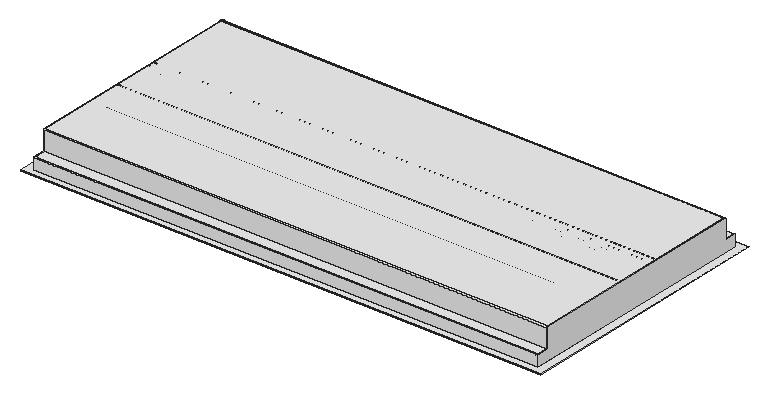
Revit family "VRIF-4104_2X2_2x4", category Lighting Fixtures, host Ceiling, Revit 2019
Family settings
  Host = Ceiling
  Round Connector Dimension = Use Diameter
  Part Type = Normal
  OmniClass Number = 23.80.70.11.14.17
  OmniClass Title = Direct/Indirect
  Always vertical = Yes
  Cut with Voids When Loaded = No
  Light Source = Yes
  Shared = No
  Room Calculation Point = No
Parameters (values of type "VRIF-4104-2X4-LED840K052LUNV")
  Width = 2' - 0 169/256"
  Wattage = 51 W
  built-in parameter 1150110 = 1 (stored number, unit not read)
  Voltage = 120 V
  URL = "https://www.viscor.com/en/products/vrif-4104"
  built-in parameter 1114217 = 0.9 (stored number, unit not read)
  Tilt Angle = 90.00°
  built-in parameter 1150109 = 1 (stored number, unit not read)
  built-in parameter 1150134 = 12
  built-in parameter 1150113 = 1 (stored number, unit not read)
  Photometric Web File = "VRIF-4104-2X4-LED840K052LUNV.ies"
  Model = "VRIF-4104"  # constant formula
  Manufacturer = "Certolux By Viscor"  # constant formula
  Lumens = 4845 lm
  built-in parameter 1150115 = 1 (stored number, unit not read)
  built-in parameter 1150105 = 385.55 (stored number, unit not read)
  built-in parameter 1150137 = (empty or 0)
  built-in parameter 1150139 = (empty or 0)
  Lens Flat = Acrylic - Viscor - Clear Lens
  Length = 4' - 1 41/128"
  Lamp Wattage = 51 VA
  built-in parameter 1150112 = 1 (stored number, unit not read)
  built-in parameter 1150114 = 1 (stored number, unit not read)
  Lamp = "LED"  # constant formula
  Inner Diffuser = Acrylic - Viscor - Frosted Round
  built-in parameter 1150132 = (empty or 0)
  built-in parameter 1150102 = (empty or 0)
  built-in parameter 1150138 = (empty or 0)
  built-in parameter 1150107 = 4000 (stored number, unit not read)
  built-in parameter 1150106 = 3.8555 (stored number, unit not read)
  Housing Finish = Metal - Viscor - White
  Emit from Rectangle Width = Width  # 2' - 0 169/256"
  Emit from Rectangle Length = Length  # 4' - 1 41/128"
  Emit Shape Visible in Rendering = no
  built-in parameter 1150104 = 8.8258 (stored number, unit not read)
  Dimming Lamp Color Temperature Shift = <None>
  Description = "LED Vandal Resistant Recessed Flanged Ceiling Inset Door"  # constant formula
  Color Filter = 16777215
  built-in parameter 1114218 = 1 (stored number, unit not read)
  built-in parameter 1150133 = 10 (stored number, unit not read)
  Assembly Code = ""
  Apparent Load = Lamp Wattage  # 51 VA
Types (5): name | Wattage | Photometric Web File | Lumens | built-in parameter 1150105 | Length | Lamp Wattage | built-in parameter 1150106 | Emit from Rectangle Length | built-in parameter 1150104 | Apparent Load
  (no name) | 51 W | "VRIF-4104-2X4-LED840K052LUNV.ies" | 4845 lm | 385.55 (stored number, unit not read) | 4' - 1 41/128" | 51 VA | 3.8555 (stored number, unit not read) | 4' - 1 41/128" | 8.8258 (stored number, unit not read) | 51 VA
  VRIF-4104-2X2-LED840K033LUNV | 33 W | "VRIF-4104-2X2-LED840K033LUNV.ies" | 3300 lm | 262.61 (stored number, unit not read) | 2' - 1 19/64" | 33 VA | 2.6261 (stored number, unit not read) | 2' - 1 19/64" | 9.2903 (stored number, unit not read) | 33 VA
  VRIF-4104-2X4-LED840K039LUNV | 39 W | "VRIF-4104-2X4-LED840K039LUNV.ies" | 3705 lm | 294.83 (stored number, unit not read) | 4' - 1 41/128" | 39 VA | 2.9483 (stored number, unit not read) | 4' - 1 41/128" | 8.8258 (stored number, unit not read) | 39 VA
  VRIF-4104-2X4-LED840K052LUNV | 51 W | "VRIF-4104-2X4-LED840K052LUNV.ies" | 4845 lm | 385.55 (stored number, unit not read) | 4' - 1 41/128" | 51 VA | 3.8555 (stored number, unit not read) | 4' - 1 41/128" | 8.8258 (stored number, unit not read) | 51 VA
  VRIF-4104-2X4-LED840K078LUNV | 75 W | "VRIF-4104-2X4-LED840K078LUNV.ies" | 7275 lm | 578.93 (stored number, unit not read) | 4' - 1 41/128" | 75 VA | 5.7893 (stored number, unit not read) | 4' - 1 41/128" | 9.0116 (stored number, unit not read) | 75 VA
Reference planes (in)
  plane 1 "Light Source Axis (F/B)": y = 0
  plane 2 "Ceiling": z = 96
  plane 3 "Light Source Axis (L/R)": x = 0
  plane 4 "Light Source Elevation": z = 96
  plane 5: y = 12.33008
  plane 6: y = -12.33008
  plane 7 "Left": x = -24.66016
  plane 8 "Right": x = 24.66016
  plane 9 "Lens": z = 96.17
  plane 10: x = -23.91016
  plane 11: x = 23.91016
  plane 12: y = 11.58008
  plane 13: y = -11.58008
  plane 14: x = -22.63231
  plane 15: x = 22.63231
  plane 16: x = -23.86216
  plane 17: x = 23.86216
  plane 18 "us of lens frame": z = 95.94
Forms (in)
  Extrusion 1, void
    sketch origin (43.99109, -53.88196, 0) x (1, 0, 0) y (0, 1, 0)
      loop
        line (-68.65125, 66.21204) -> (-68.65125, 41.55188) -> (-19.33093, 41.55188) -> (-19.33093, 66.21204) -> (-68.65125, 66.21204)
    from 95.81772 to 99.27519
  Extrusion 2, solid, material "Metal - Viscor - White" <- "Housing Finish"
    sketch origin (0, 0, 0) x (0, 1, 0) y (0, 0, 1)
      loop
        line (11.67858, 96.068) -> (11.67858, 97.056)
        arc (11.67858, 97.056) -> (11.6531, 97.11752) -> (11.59158, 97.143) r 0.087
        line (11.59158, 97.143) -> (10.60458, 97.143)
        arc (10.60458, 97.143) -> (10.577, 97.15442) -> (10.56558, 97.182) r 0.039
        line (10.56558, 97.182) -> (10.56558, 98.939)
        arc (10.56558, 98.939) -> (10.5401, 99.00052) -> (10.47858, 99.026) r 0.087
        line (10.47858, 99.026) -> (-10.47711, 99.026)
        arc (-10.47711, 99.026) -> (-10.53863, 99.00052) -> (-10.56411, 98.939) r 0.087
        line (-10.56411, 98.939) -> (-10.56411, 97.143) -> (-11.59011, 97.143)
        arc (-11.59011, 97.143) -> (-11.65163, 97.11752) -> (-11.67711, 97.056) r 0.087
        line (-11.67711, 97.056) -> (-11.67711, 96.068) -> (-11.63023, 96.068) -> (-11.63023, 97.056)
        arc (-11.63023, 97.056) -> (-11.61848, 97.08437) -> (-11.59011, 97.09613) r 0.04012
        line (-11.59011, 97.09613) -> (-10.51723, 97.09613) -> (-10.51723, 98.939)
        arc (-10.51723, 98.939) -> (-10.50548, 98.96737) -> (-10.47711, 98.97913) r 0.04012
        line (-10.47711, 98.97913) -> (10.47858, 98.97913)
        arc (10.47858, 98.97913) -> (10.50695, 98.96737) -> (10.5187, 98.939) r 0.04013
        line (10.5187, 98.939) -> (10.5187, 97.182)
        arc (10.5187, 97.182) -> (10.54386, 97.12128) -> (10.60458, 97.09613) r 0.08588
        line (10.60458, 97.09613) -> (11.59158, 97.09613)
        arc (11.59158, 97.09613) -> (11.61995, 97.08437) -> (11.6317, 97.056) r 0.04012
        line (11.6317, 97.056) -> (11.6317, 96.068) -> (11.67858, 96.068)
    from -23.86216 to 23.86216
  Extrusion 3, solid, material "Metal - Viscor - White" <- "Housing Finish"
    sketch origin (0, 0, 0) x (0, 1, 0) y (0, 0, 1)
      loop
        line (-11.66711, 96.068) -> (11.66858, 96.068) -> (11.66858, 97.093) -> (11.62858, 97.133) -> (10.54158, 97.133) -> (10.54158, 98.92173)
        arc (10.54158, 98.92173) -> (10.52267, 98.96396) -> (10.47858, 98.978) r 0.05663
        line (10.47858, 98.978) -> (-10.47711, 98.978)
        arc (-10.47711, 98.978) -> (-10.51416, 98.96746) -> (-10.54011, 98.939) r 0.07038
        line (-10.54011, 98.939) -> (-10.54011, 97.133) -> (-11.62711, 97.133) -> (-11.66711, 97.093) -> (-11.66711, 96.068)
    from 23.86216 to 23.91016
  Extrusion 4, solid, material "Metal - Viscor - White" <- "Housing Finish"
    sketch origin (0, 0, 0) x (0, 1, 0) y (0, 0, -1)
      loop
        line (-11.66711, -96.068) -> (-11.66711, -97.093) -> (-11.62711, -97.133) -> (-10.54011, -97.133) -> (-10.54011, -98.939)
        arc (-10.54011, -98.939) -> (-10.51416, -98.96746) -> (-10.47711, -98.978) r 0.07038
        line (-10.47711, -98.978) -> (10.47858, -98.978)
        arc (10.47858, -98.978) -> (10.52267, -98.96396) -> (10.54158, -98.92173) r 0.05663
        line (10.54158, -98.92173) -> (10.54158, -97.133) -> (11.62858, -97.133) -> (11.66858, -97.093) -> (11.66858, -96.068) -> (-11.66711, -96.068)
    from 23.86216 to 23.91016
  Extrusion 5, solid, material "Metal - Viscor - White" <- "Housing Finish"
    sketch origin (0, 0, 96) x (1, 0, 0) y (0, 1, 0)
      loop
        line (-24.66016, -12.33008) -> (24.66016, -12.33008) -> (24.66016, 12.33008) -> (-24.66016, 12.33008) -> (-24.66016, -12.33008)
      loop
        line (23.91016, -11.58008) -> (23.91016, 11.58008) -> (-23.91016, 11.58008) -> (-23.91016, -11.58008) -> (23.91016, -11.58008)
    from 0 to 0.048
  Extrusion 6, solid, material "Metal - Viscor - White" <- "Housing Finish"
    sketch origin (0, 0, 95.94) x (-1, 0, 0) y (0, -1, 0)
      loop
        line (23.83531, -11.47984) -> (23.83531, 11.47984) -> (-23.83531, 11.47984) -> (-23.83531, -11.47984) -> (23.83531, -11.47984)
      loop
        line (22.33531, -9.97984) -> (22.33531, 9.97984) -> (-22.33531, 9.97984) -> (-22.33531, -9.97984) -> (22.33531, -9.97984)
    from 0 to 0.5
  Extrusion 7, solid, material "Acrylic - Viscor - Clear Lens" <- "Lens Flat"
    sketch origin (0, 0, 0) x (0, 1, 0) y (0, 0, 1)
      loop
        line (10.27808, 96.018) -> (10.27808, 96.143) -> (-10.27661, 96.143) -> (-10.27661, 96.018) -> (10.27808, 96.018)
    from -22.63231 to 22.63231
  Extrusion 8, solid, material "Metal - Viscor - White" <- "Housing Finish"
    sketch origin (0, 0, 0) x (0, 1, 0) y (0, 0, 1)
      loop
        line (10.3896, 97.40092) -> (10.36264, 97.41672) -> (10.10982, 96.98536) -> (9.94898, 96.71095)
        arc (9.94898, 96.71095) -> (9.92939, 96.69458) -> (9.90386, 96.69443) r 0.03775
        line (9.90386, 96.69443) -> (9.25024, 96.92493)
        arc (9.25024, 96.92493) -> (6.06955, 97.83172) -> (2.80182, 98.34269) r 26.9916
        line (2.80182, 98.34269) -> (2.32108, 98.38792)
        arc (2.32108, 98.38792) -> (2.29044, 98.40948) -> (2.29346, 98.44682) r 0.03775
        line (2.29346, 98.44682) -> (2.46024, 98.69062) -> (2.56865, 98.84911)
        arc (2.56865, 98.84911) -> (2.57291, 98.92134) -> (2.51113, 98.95902) r 0.07025
        line (2.51113, 98.95902) -> (1.83429, 98.96344) -> (1.83429, 98.93219) -> (2.51093, 98.92777)
        arc (2.51093, 98.92777) -> (2.54523, 98.90685) -> (2.54286, 98.86675) r 0.039
        line (2.54286, 98.86675) -> (2.43445, 98.70826) -> (2.26767, 98.46446)
        arc (2.26767, 98.46446) -> (2.26215, 98.39621) -> (2.31816, 98.35681) r 0.069
        line (2.31816, 98.35681) -> (2.7989, 98.31158)
        arc (2.7989, 98.31158) -> (6.06283, 97.8012) -> (9.23985, 96.89546) r 26.96035
        line (9.23985, 96.89546) -> (9.89347, 96.66496)
        arc (9.89347, 96.66496) -> (9.94013, 96.66524) -> (9.97594, 96.69514) r 0.069
        line (9.97594, 96.69514) -> (10.13678, 96.96955) -> (10.3896, 97.40092)
    from -23.86216 to 23.86216
  Extrusion 9, solid, material "Metal - Viscor - White" <- "Housing Finish"
    sketch origin (0, 0, 0) x (0, -1, 0) y (0, 0, -1)
      loop
        line (10.3896, -97.40092) -> (10.13678, -96.96955) -> (9.97594, -96.69514)
        arc (9.97594, -96.69514) -> (9.94013, -96.66524) -> (9.89347, -96.66496) r 0.069
        line (9.89347, -96.66496) -> (9.23985, -96.89546)
        arc (9.23985, -96.89546) -> (6.06283, -97.8012) -> (2.7989, -98.31158) r 26.96035
        line (2.7989, -98.31158) -> (2.31816, -98.35681)
        arc (2.31816, -98.35681) -> (2.26215, -98.39621) -> (2.26767, -98.46446) r 0.069
        line (2.26767, -98.46446) -> (2.43445, -98.70826) -> (2.54286, -98.86675)
        arc (2.54286, -98.86675) -> (2.54523, -98.90685) -> (2.51093, -98.92777) r 0.039
        line (2.51093, -98.92777) -> (1.83429, -98.93219) -> (1.83429, -98.96344) -> (2.51113, -98.95902)
        arc (2.51113, -98.95902) -> (2.57291, -98.92134) -> (2.56865, -98.84911) r 0.07025
        line (2.56865, -98.84911) -> (2.46024, -98.69062) -> (2.29346, -98.44682)
        arc (2.29346, -98.44682) -> (2.29044, -98.40948) -> (2.32108, -98.38792) r 0.03775
        line (2.32108, -98.38792) -> (2.80182, -98.34269)
        arc (2.80182, -98.34269) -> (6.06955, -97.83172) -> (9.25024, -96.92493) r 26.9916
        line (9.25024, -96.92493) -> (9.90386, -96.69443)
        arc (9.90386, -96.69443) -> (9.92939, -96.69458) -> (9.94898, -96.71095) r 0.03775
        line (9.94898, -96.71095) -> (10.10982, -96.98536) -> (10.36264, -97.41672) -> (10.3896, -97.40092)
    from -23.86216 to 23.86216
  Extrusion 10, solid, material "Acrylic - Viscor - Frosted Round" <- "Inner Diffuser"
    sketch origin (0, 0, 0) x (0, 1, 0) y (0, 0, 1)
      loop
        arc (3.12523, 97.55871) -> (3.13836, 97.60592) -> (3.09136, 97.61979) r 0.03492
        line (3.09136, 97.61979) -> (2.8986, 97.51399) -> (2.87491, 97.5765)
        arc (2.87491, 97.5765) -> (2.8491, 97.62041) -> (2.81018, 97.65324) r 0.15113
        line (2.81018, 97.65324) -> (2.68258, 97.72825) -> (2.45307, 98.33433) -> (2.37825, 98.306) -> (2.60839, 97.69827)
        arc (2.60839, 97.69827) -> (2.6212, 97.67647) -> (2.64052, 97.66017) r 0.075
        line (2.64052, 97.66017) -> (2.76964, 97.58427)
        arc (2.76964, 97.58427) -> (2.78796, 97.56882) -> (2.8001, 97.54816) r 0.07113
        line (2.8001, 97.54816) -> (2.82486, 97.48283)
        arc (2.82486, 97.48283) -> (0.00075, 96.78567) -> (-2.82336, 97.48283) r 6.06859
        line (-2.82336, 97.48283) -> (-2.7986, 97.54816)
        arc (-2.7986, 97.54816) -> (-2.78646, 97.56882) -> (-2.76814, 97.58427) r 0.07113
        line (-2.76814, 97.58427) -> (-2.63902, 97.66017)
        arc (-2.63902, 97.66017) -> (-2.6197, 97.67647) -> (-2.60689, 97.69827) r 0.075
        line (-2.60689, 97.69827) -> (-2.37675, 98.306) -> (-2.45157, 98.33433) -> (-2.68108, 97.72825) -> (-2.80868, 97.65324)
        arc (-2.80868, 97.65324) -> (-2.8476, 97.62041) -> (-2.87341, 97.5765) r 0.15113
        line (-2.87341, 97.5765) -> (-2.8971, 97.51399) -> (-3.08986, 97.61979)
        arc (-3.08986, 97.61979) -> (-3.13686, 97.60592) -> (-3.12373, 97.55871) r 0.03492
        arc (-3.12373, 97.55871) -> (0.00075, 96.70567) -> (3.12523, 97.55871) r 6.14859
    from -23.86216 to 23.86216
  Extrusion 11, solid, material "Metal - Viscor - White" <- "Housing Finish"
    sketch origin (0, 0, 0) x (0, 1, 0) y (0, 0, 1)
      loop
        arc (1.74925, 98.939) -> (1.70612, 98.92113) -> (1.68825, 98.878) r 0.061
        line (1.68825, 98.878) -> (1.68825, 98.564) -> (1.68825, 98.47)
        arc (1.68825, 98.47) -> (1.67917, 98.44808) -> (1.65725, 98.439) r 0.031
        line (1.65725, 98.439) -> (-1.65575, 98.439)
        arc (-1.65575, 98.439) -> (-1.67767, 98.44808) -> (-1.68675, 98.47) r 0.031
        line (-1.68675, 98.47) -> (-1.68675, 98.564) -> (-1.68675, 98.878)
        arc (-1.68675, 98.878) -> (-1.70462, 98.92113) -> (-1.74775, 98.939) r 0.061
        line (-1.74775, 98.939) -> (-2.15375, 98.939) -> (-2.15375, 98.90775) -> (-1.74775, 98.90775)
        arc (-1.74775, 98.90775) -> (-1.72671, 98.89904) -> (-1.718, 98.878) r 0.02975
        line (-1.718, 98.878) -> (-1.718, 98.564) -> (-1.718, 98.47)
        arc (-1.718, 98.47) -> (-1.69977, 98.42598) -> (-1.65575, 98.40775) r 0.06225
        line (-1.65575, 98.40775) -> (1.65725, 98.40775)
        arc (1.65725, 98.40775) -> (1.70127, 98.42598) -> (1.7195, 98.47) r 0.06225
        line (1.7195, 98.47) -> (1.7195, 98.564) -> (1.7195, 98.878)
        arc (1.7195, 98.878) -> (1.72821, 98.89904) -> (1.74925, 98.90775) r 0.02975
        line (1.74925, 98.90775) -> (2.15525, 98.90775) -> (2.15525, 98.939) -> (1.74925, 98.939)
    from -23.86216 to 23.86216
Dimensions and locks (in)
  equal spacing: host sketch curve, plane 3 "Light Source Axis (L/R)", host sketch curve
  equal spacing: host sketch curve, plane 1 "Light Source Axis (F/B)", host sketch curve
  host sketch curve to host sketch curve = 10' - 0"  (x2)
  equal spacing: plane 7 "Left", plane 3 "Light Source Axis (L/R)", plane 8 "Right"
  "Length": plane 7 "Left" to plane 8 "Right"
  equal spacing: plane 5, plane 1 "Light Source Axis (F/B)", plane 6
  "Width": plane 5 to plane 6
  locked: plane 10 to plane 7 "Left" at 0.75
  locked: plane 11 to plane 8 "Right" at 0.75
  locked: plane 12 to plane 5 at 0.75
  plane 6 to plane 13 to plane 1 "Light Source Axis (F/B)" = 0' - 0 3/4" locked, 0' - 11.58008"
  plane 7 "Left" to plane 14 to plane 3 "Light Source Axis (L/R)" = 0' - 2.02784" locked, 1' - 10.63231"
  locked: plane 15 to plane 8 "Right" at 2.02784
  plane 10 to plane 16 to plane 14 = 0' - 0.048", 0' - 1.22984"
  locked: plane 17 to plane 11 at 0.048
  locked: plane 18 "us of lens frame" to plane 4 "Light Source Elevation" at 0.06
  Extrusion 6 sketch curve to Extrusion 6 sketch curve = 0' - 1 1/2"
  aligned and locked: plane 3 "Light Source Axis (L/R)" to imposter light
  aligned and locked: plane 1 "Light Source Axis (F/B)" to imposter light
  aligned and locked: plane 4 "Light Source Elevation" to imposter light
  aligned and locked: Extrusion 1 to plane 7 "Left"
  aligned and locked: plane 8 "Right" to Extrusion 1
  aligned and locked: Extrusion 1 to plane 6
  aligned and locked: plane 5 to Extrusion 1
  aligned and locked: Extrusion 2 to plane 16
  aligned and locked: Extrusion 4 to plane 10
  aligned and locked: Extrusion 4 to plane 16
  aligned and locked: Extrusion 2 to plane 17
  aligned and locked: Extrusion 3 to plane 11
  aligned and locked: plane 17 to Extrusion 3
  aligned and locked: plane 14 to Extrusion 7
  aligned and locked: Extrusion 7 to plane 15
  aligned and locked: plane 16 to Extrusion 8
  aligned and locked: Extrusion 8 to plane 17
  aligned and locked: plane 16 to Extrusion 9
  aligned and locked: Extrusion 9 to plane 17
  aligned and locked: plane 16 to Extrusion 10
  aligned and locked: Extrusion 10 to plane 17
  aligned and locked: plane 16 to Extrusion 11
  aligned and locked: Extrusion 11 to plane 17
Automatic sketch dimensions
  Extrusion 1 sketch curve to plane 6 = 0' - 0"
  Extrusion 1 sketch curve to plane 7 "Left" = 0' - 0"
  Extrusion 1 sketch curve to plane 8 "Right" = 0' - 0"
  Extrusion 1 sketch curve to plane 5 = 0' - 0"
  Extrusion 2 sketch curve to Extrusion 2 sketch curve = 0' - 0"  (x10)
  Extrusion 2 sketch curve to plane 13 = 0' - 0.09703"
  Extrusion 2 sketch curve to Extrusion 2 sketch curve = 0' - 0 3/64"  (x2)
  Extrusion 2 sketch curve to plane 13 = 0' - 0.01003"
  plane 13 to Extrusion 2 sketch curve = 0' - 1.01597"
  Extrusion 2 sketch curve to Extrusion 2 sketch curve = 0' - 0.04012"
  Extrusion 2 sketch curve to plane 12 = 0' - 1.1015"
  Extrusion 2 sketch curve to plane 12 = 0' - 1.06137"
  Extrusion 2 sketch curve to Extrusion 2 sketch curve = 0' - 0.039"
  plane 12 to Extrusion 2 sketch curve = 0' - 0.0115"
  plane 12 to Extrusion 2 sketch curve = 0' - 0.05163"
  plane 2 "Ceiling" to Extrusion 2 sketch curve = 0' - 0.068"  (x2)
  plane 9 "Lens" to Extrusion 2 sketch curve = 0' - 0.886"  (x2)
  Extrusion 2 sketch curve to Extrusion 2 sketch curve = 0' - 1.796"
  Extrusion 3 sketch curve to plane 13 = 0' - 0.08703"
  Extrusion 3 sketch curve to plane 13 = 0' - 0.04703"
  plane 13 to Extrusion 3 sketch curve = 0' - 1.03997"
  Extrusion 3 sketch curve to Extrusion 3 sketch curve = 0' - 0.063"
  Extrusion 3 sketch curve to plane 12 = 0' - 1.1015"
  Extrusion 3 sketch curve to Extrusion 3 sketch curve = 0' - 0.00637"
  Extrusion 3 sketch curve to plane 12 = 0' - 1.0385"
  plane 12 to Extrusion 3 sketch curve = 0' - 0.0485"
  plane 12 to Extrusion 3 sketch curve = 0' - 0.0885"
  plane 2 "Ceiling" to Extrusion 3 sketch curve = 0' - 0.068"
  plane 9 "Lens" to Extrusion 3 sketch curve = 0' - 0.923"  (x2)
  plane 9 "Lens" to Extrusion 3 sketch curve = 0' - 0.963"  (x2)
  Extrusion 3 sketch curve to Extrusion 3 sketch curve = 0' - 1.77462"
  Extrusion 3 sketch curve to Extrusion 3 sketch curve = 0' - 1.78873"
  Extrusion 4 sketch curve to plane 13 = 0' - 0.08703"
  Extrusion 4 sketch curve to plane 13 = 0' - 0.04703"
  plane 13 to Extrusion 4 sketch curve = 0' - 1.03997"
  Extrusion 4 sketch curve to Extrusion 4 sketch curve = 0' - 0.063"
  Extrusion 4 sketch curve to plane 12 = 0' - 1.1015"
  Extrusion 4 sketch curve to Extrusion 4 sketch curve = 0' - 0.00637"
  Extrusion 4 sketch curve to plane 12 = 0' - 1.0385"
  plane 12 to Extrusion 4 sketch curve = 0' - 0.0485"
  plane 12 to Extrusion 4 sketch curve = 0' - 0.0885"
  plane 9 "Lens" to Extrusion 4 sketch curve = 0' - 2.808"
  Extrusion 4 sketch curve to Extrusion 4 sketch curve = 0' - 0.039"
  plane 9 "Lens" to Extrusion 4 sketch curve = 0' - 0.963"  (x2)
  Extrusion 4 sketch curve to Extrusion 4 sketch curve = 0' - 0.04"  (x2)
  plane 2 "Ceiling" to Extrusion 4 sketch curve = 0' - 0.068"
  Extrusion 5 sketch curve to plane 5 = 0' - 0"
  Extrusion 5 sketch curve to plane 7 "Left" = 0' - 0"
  Extrusion 5 sketch curve to plane 10 = 0' - 0"
  Extrusion 5 sketch curve to plane 11 = 0' - 0"
  Extrusion 5 sketch curve to plane 8 "Right" = 0' - 0"
  Extrusion 5 sketch curve to plane 6 = 0' - 0"
  plane 13 to Extrusion 5 sketch curve = 0' - 0"
  plane 12 to Extrusion 5 sketch curve = 0' - 0"
  Extrusion 6 sketch curve to plane 17 = 0' - 0.02684"
  plane 15 to Extrusion 6 sketch curve = 0' - 0.297"
  Extrusion 6 sketch curve to plane 14 = 0' - 0.297"
  plane 16 to Extrusion 6 sketch curve = 0' - 0.02684"
  Extrusion 6 sketch curve to plane 12 = 0' - 0.10023"
  Extrusion 6 sketch curve to plane 12 = 0' - 1.60023"
  plane 13 to Extrusion 6 sketch curve = 0' - 1.60023"
  plane 2 "Ceiling" to Extrusion 7 sketch curve = 0' - 0.018"
  plane 13 to Extrusion 7 sketch curve = 0' - 1.30347"
  Extrusion 7 sketch curve to plane 9 "Lens" = 0' - 0.027"
  Extrusion 7 sketch curve to plane 12 = 0' - 1.302"
  Extrusion 8 sketch curve to Extrusion 8 sketch curve = 0' - 0"  (x8)
  Extrusion 8 sketch curve to plane 1 "Light Source Axis (F/B)" = 0' - 0.27355"
  Extrusion 8 sketch curve to plane 1 "Light Source Axis (F/B)" = 0' - 1.83429"
  Extrusion 8 sketch curve to Extrusion 8 sketch curve = 0' - 0.43338"
  Extrusion 8 sketch curve to Extrusion 8 sketch curve = 0' - 0.02579"  (x3)
  Extrusion 8 sketch curve to Extrusion 8 sketch curve = 0' - 0.02469"
  Extrusion 8 sketch curve to Extrusion 8 sketch curve = 0' - 0.00293"  (x2)
  Extrusion 8 sketch curve to Extrusion 8 sketch curve = 0' - 0.03116"
  Extrusion 8 sketch curve to Extrusion 8 sketch curve = 0' - 0.16678"
  Extrusion 8 sketch curve to Extrusion 8 sketch curve = 0' - 0.07623"
  Extrusion 8 sketch curve to Extrusion 8 sketch curve = 0' - 0.00026"
  Extrusion 8 sketch curve to Extrusion 8 sketch curve = 0' - 0.0002"
  Extrusion 8 sketch curve to Extrusion 8 sketch curve = 0' - 0.03219"
  Extrusion 8 sketch curve to Extrusion 8 sketch curve = 0' - 0.48074"
  plane 9 "Lens" to Extrusion 8 sketch curve = 0' - 0.72546"
  Extrusion 8 sketch curve to plane 12 = 0' - 2.34023"
  plane 9 "Lens" to Extrusion 8 sketch curve = 0' - 0.75493"
  Extrusion 8 sketch curve to Extrusion 8 sketch curve = 0' - 0.01039"  (x2)
  plane 9 "Lens" to Extrusion 8 sketch curve = 0' - 0.49496"
  Extrusion 8 sketch curve to Extrusion 8 sketch curve = 0' - 0.65362"
  plane 9 "Lens" to Extrusion 8 sketch curve = 0' - 0.52443"
  Extrusion 8 sketch curve to Extrusion 8 sketch curve = 0' - 0.01255"
  plane 9 "Lens" to Extrusion 8 sketch curve = 0' - 0.54095"
  Extrusion 8 sketch curve to Extrusion 8 sketch curve = 0' - 0.03257"
  plane 9 "Lens" to Extrusion 8 sketch curve = 0' - 0.52514"
  Extrusion 8 sketch curve to Extrusion 8 sketch curve = 0' - 0.16083"
  Extrusion 8 sketch curve to Extrusion 8 sketch curve = 0' - 0.02696"  (x2)
  Extrusion 8 sketch curve to Extrusion 8 sketch curve = 0' - 0.25283"
  plane 18 "us of lens frame" to Extrusion 8 sketch curve = 2' - 0.47024"
  Extrusion 8 sketch curve to Extrusion 8 sketch curve = 0' - 0.27441"
  Extrusion 8 sketch curve to Extrusion 8 sketch curve = 0' - 0.0158"
  Extrusion 8 sketch curve to Extrusion 8 sketch curve = 0' - 0.04523"
  Extrusion 8 sketch curve to Extrusion 8 sketch curve = 0' - 0.03111"
  Extrusion 8 sketch curve to Extrusion 8 sketch curve = 0' - 0.03758"
  Extrusion 8 sketch curve to Extrusion 8 sketch curve = 0' - 0.2438"
  Extrusion 8 sketch curve to Extrusion 8 sketch curve = 0' - 0.01764"  (x2)
  Extrusion 8 sketch curve to Extrusion 8 sketch curve = 0' - 0.15849"
  Extrusion 8 sketch curve to Extrusion 8 sketch curve = 0' - 0.02202"
  Extrusion 8 sketch curve to Extrusion 8 sketch curve = 0' - 0.46773"
  Extrusion 8 sketch curve to Extrusion 8 sketch curve = 0' - 0 1/32"
  Extrusion 9 sketch curve to Extrusion 9 sketch curve = 0' - 0"  (x8)
  Extrusion 9 sketch curve to plane 1 "Light Source Axis (F/B)" = 0' - 0.27355"
  Extrusion 9 sketch curve to plane 1 "Light Source Axis (F/B)" = 0' - 1.83429"
  Extrusion 9 sketch curve to Extrusion 9 sketch curve = 0' - 0.43338"
  Extrusion 9 sketch curve to Extrusion 9 sketch curve = 0' - 0.02579"  (x3)
  Extrusion 9 sketch curve to Extrusion 9 sketch curve = 0' - 0.02469"
  Extrusion 9 sketch curve to Extrusion 9 sketch curve = 0' - 0.00293"  (x2)
  Extrusion 9 sketch curve to Extrusion 9 sketch curve = 0' - 0.00354"
  Extrusion 9 sketch curve to Extrusion 9 sketch curve = 0' - 0.16678"
  Extrusion 9 sketch curve to Extrusion 9 sketch curve = 0' - 0.07623"
  Extrusion 9 sketch curve to Extrusion 9 sketch curve = 0' - 0.00026"
  Extrusion 9 sketch curve to Extrusion 9 sketch curve = 0' - 0.0002"
  Extrusion 9 sketch curve to Extrusion 9 sketch curve = 0' - 0.03219"
  Extrusion 9 sketch curve to Extrusion 9 sketch curve = 0' - 0.48074"
  Extrusion 9 sketch curve to plane 9 "Lens" = 0' - 0.72546"
  Extrusion 9 sketch curve to plane 13 = 0' - 2.34023"
  Extrusion 9 sketch curve to plane 9 "Lens" = 0' - 0.75493"
  Extrusion 9 sketch curve to Extrusion 9 sketch curve = 0' - 0.01039"  (x2)
  Extrusion 9 sketch curve to plane 9 "Lens" = 0' - 0.49496"
  Extrusion 9 sketch curve to Extrusion 9 sketch curve = 0' - 0.65362"
  Extrusion 9 sketch curve to plane 9 "Lens" = 0' - 0.52443"
  Extrusion 9 sketch curve to Extrusion 9 sketch curve = 0' - 0.01255"
  Extrusion 9 sketch curve to plane 9 "Lens" = 0' - 0.54095"
  Extrusion 9 sketch curve to Extrusion 9 sketch curve = 0' - 0.03257"
  Extrusion 9 sketch curve to plane 9 "Lens" = 0' - 0.52514"
  Extrusion 9 sketch curve to Extrusion 9 sketch curve = 0' - 0.16083"
  Extrusion 9 sketch curve to Extrusion 9 sketch curve = 0' - 0.02696"  (x2)
  Extrusion 9 sketch curve to Extrusion 9 sketch curve = 0' - 0.25283"
  Extrusion 9 sketch curve to plane 18 "us of lens frame" = 2' - 0.47024"
  Extrusion 9 sketch curve to Extrusion 9 sketch curve = 0' - 0.27441"
  Extrusion 9 sketch curve to Extrusion 9 sketch curve = 0' - 0.0158"
  Extrusion 9 sketch curve to Extrusion 9 sketch curve = 0' - 0.04523"
  Extrusion 9 sketch curve to Extrusion 9 sketch curve = 0' - 0.03111"
  Extrusion 9 sketch curve to Extrusion 9 sketch curve = 0' - 0.03758"
  Extrusion 9 sketch curve to Extrusion 9 sketch curve = 0' - 0.2438"
  Extrusion 9 sketch curve to Extrusion 9 sketch curve = 0' - 0.01764"  (x2)
  Extrusion 9 sketch curve to Extrusion 9 sketch curve = 0' - 0.15849"
  Extrusion 9 sketch curve to Extrusion 9 sketch curve = 0' - 0.02202"
  Extrusion 9 sketch curve to Extrusion 9 sketch curve = 0' - 0.46773"
  Extrusion 9 sketch curve to Extrusion 9 sketch curve = 0' - 0 1/32"
  Extrusion 10 sketch curve to plane 1 "Light Source Axis (F/B)" = 0' - 0.00075"
  Extrusion 10 sketch curve to plane 1 "Light Source Axis (F/B)" = 0' - 3.10782"
  plane 9 "Lens" to Extrusion 10 sketch curve = 0' - 1.41898"
  Extrusion 10 sketch curve to Extrusion 10 sketch curve = 0' - 5.26527"
  plane 9 "Lens" to Extrusion 10 sketch curve = 0' - 1.38871"
  plane 1 "Light Source Axis (F/B)" to Extrusion 10 sketch curve = 0' - 3.12373"
  Extrusion 10 sketch curve to Extrusion 10 sketch curve = 0' - 0.01645"  (x2)
  Extrusion 10 sketch curve to Extrusion 10 sketch curve = 0' - 0.01741"  (x2)
  plane 9 "Lens" to Extrusion 10 sketch curve = 0' - 1.34399"  (x2)
  Extrusion 10 sketch curve to Extrusion 10 sketch curve = 0' - 0.19276"
  Extrusion 10 sketch curve to Extrusion 10 sketch curve = 0' - 0.16501"
  plane 9 "Lens" to Extrusion 10 sketch curve = 0' - 1.4065"  (x2)
  Extrusion 10 sketch curve to Extrusion 10 sketch curve = 0' - 0.02369"  (x2)
  Extrusion 10 sketch curve to Extrusion 10 sketch curve = 0' - 0.05355"
  Extrusion 10 sketch curve to Extrusion 10 sketch curve = 0' - 0.06474"  (x2)
  Extrusion 10 sketch curve to Extrusion 10 sketch curve = 0' - 0.1276"  (x2)
  Extrusion 10 sketch curve to Extrusion 10 sketch curve = 0' - 0.07501"  (x2)
  Extrusion 10 sketch curve to Extrusion 10 sketch curve = 0' - 0.22952"  (x2)
  Extrusion 10 sketch curve to Extrusion 10 sketch curve = 0' - 0.60608"
  plane 9 "Lens" to Extrusion 10 sketch curve = 0' - 2.136"
  plane 9 "Lens" to Extrusion 10 sketch curve = 0' - 1.52827"
  Extrusion 10 sketch curve to Extrusion 10 sketch curve = 0' - 0.00405"  (x2)
  Extrusion 10 sketch curve to Extrusion 10 sketch curve = 0' - 0.00342"  (x2)
  Extrusion 10 sketch curve to Extrusion 10 sketch curve = 0' - 0.03213"  (x2)
  Extrusion 10 sketch curve to Extrusion 10 sketch curve = 0' - 0.03605"
  Extrusion 10 sketch curve to Extrusion 10 sketch curve = 0' - 0.06132"
  Extrusion 10 sketch curve to Extrusion 10 sketch curve = 0' - 0"  (x6)
  Extrusion 10 sketch curve to Extrusion 10 sketch curve = 0' - 0.03047"  (x2)
  plane 9 "Lens" to Extrusion 10 sketch curve = 0' - 1.31283"
  Extrusion 10 sketch curve to Extrusion 10 sketch curve = 0' - 0.02475"  (x2)
  Extrusion 10 sketch curve to Extrusion 10 sketch curve = 0' - 0.30037"
  Extrusion 10 sketch curve to Extrusion 10 sketch curve = 0' - 0.03027"
  Extrusion 10 sketch curve to Extrusion 10 sketch curve = 0' - 0.07375"
  Extrusion 10 sketch curve to Extrusion 10 sketch curve = 0' - 0.09127"
  Extrusion 10 sketch curve to Extrusion 10 sketch curve = 0' - 0.04013"
  plane 9 "Lens" to Extrusion 10 sketch curve = 0' - 1.37816"
  Extrusion 10 sketch curve to Extrusion 10 sketch curve = 0' - 0.04206"
  Extrusion 10 sketch curve to Extrusion 10 sketch curve = 0' - 0.06807"
  Extrusion 10 sketch curve to Extrusion 10 sketch curve = 0' - 0.02833"
  Extrusion 11 sketch curve to Extrusion 11 sketch curve = 0' - 0"  (x10)
  plane 1 "Light Source Axis (F/B)" to Extrusion 11 sketch curve = 0' - 1.74775"
  Extrusion 11 sketch curve to Extrusion 11 sketch curve = 0' - 0.02975"  (x2)
  Extrusion 11 sketch curve to Extrusion 11 sketch curve = 0' - 0 1/32"
  Extrusion 11 sketch curve to Extrusion 11 sketch curve = 0' - 0.031"  (x2)
  Extrusion 11 sketch curve to plane 1 "Light Source Axis (F/B)" = 0' - 1.65725"
  Extrusion 11 sketch curve to Extrusion 11 sketch curve = 0' - 0.406"  (x2)
  plane 9 "Lens" to Extrusion 11 sketch curve = 0' - 2.23775"
  Extrusion 11 sketch curve to Extrusion 11 sketch curve = 0' - 0.094"  (x2)
  Extrusion 11 sketch curve to Extrusion 11 sketch curve = 0' - 0.314"  (x2)
Connectors (in)
  electrical at (0, 0, 96), driven by "Voltage", driven by "Apparent Load"
    settings: index 1, voltage 120 V, apparent load 0 VA, apparent load phase1 51 VA, apparent load phase2 0 VA, apparent load phase3 0 VA, power factor 1, load classification "Other", number of poles 1, system type 31, power factor state 1, is connector primary yes, connector utility no, sub classification motor no, connector description ""
